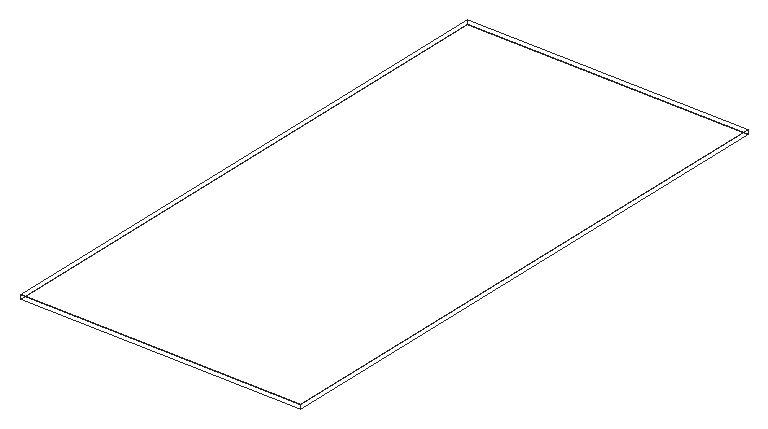
Revit family "SkylightScreen_KeeSafety_CorrugatedRoofStyle", category Generic Models, Revit 2026
Family settings
  Can host rebar = No
  Round Connector Dimension = Use Diameter
  Part Type = Normal
  Classification Number = 23.30.80.11
  Work Plane-Based = Yes
  Always vertical = Yes
  Cut with Voids When Loaded = No
  Maintain Annotation Orientation = No
  Shared = No
  Room Calculation Point = No
Parameters
  Unit Width [instance] = 2' - 6"
  Unit Depth [instance] = 5' - 0"
  URL = "keesafety.com"
  Specification = "http://www.arcat.com/sd/clients/keeind.html?coid=33541"
  Send Message = "http://www.arcat.com/users.pl?action=UserEmail&company=Kee+Safety,+Inc.&coid=33541&rep=106&fax=716-896-5696&mf="
  Sales Information = "http://www.keesafety.com/info_request_new.asp?param=usenyy"
  Revision = "R1_11-2012"
  Product Properties = "http://www.arcat.com/arcatcos/cos33/arc33541.html"
  Product Data = "http://www.arcat.com/arcatcos/cos33/arc33541.html"
  Model = "Corrugated Roof Style"
  Material = Kee-Safety_Skylight-Screen
  Manufacturer Website = "keesafety.com"
  Manufacturer Phone - Toll Free = "800-851-5181"
  Manufacturer Phone = "716-896-4949"
  Manufacturer Fax = "716-896-5696"
  Manufacturer Address = "100 Stradtman St. Buffalo, NY 14206"
  Manufacturer = "Kee Safety, Inc."
  Maintenance Schedule (Months) = 12
  Keynote = "05 52 00"
  Installation Phase = "Skylight Screen"
  Green Building-LEED = "http://www.arcat.com/details/keeind/keeind.html?coid=33541"
  Drawn By = "Sumex Design, Inc. / Robert S. Weygant, CSI, CDT, SCIP"
  Description = "Skylight Screen - Corrugated Roof Style"
  Default Elevation = 0' - 0"
  Copyright = "2012, ARCAT, Inc"
  Construction Details = "http://www.arcat.com/details/keeind/keeind.html?coid=33541"
  Company_ID = 33541
  Assembly Code = "B3020230"
Reference planes (in)
  plane 1 "Center (Front/Back)": y = 0
  plane 2: z = 0
  plane 3 "Center (Left/Right)": x = 0
  plane 4 "Front Plane": y = -30
  plane 5 "Back Plane": y = 30
  plane 6 "Right Plane": x = 15
  plane 7 "Left Plane": x = -15
Forms (in)
  Extrusion 1, solid, material "Kee-Safety_Skylight-Screen" <- "Material"
    sketch origin (0, 0, 0) x (1, 0, 0) y (0, 1, 0)
      loop
        line (15, 30) -> (-15, 30) -> (-15, -30) -> (15, -30) -> (15, 30)
    from 0 to 0.5
Dimensions and locks (in)
  equal spacing: plane 4 "Front Plane", plane 1 "Center (Front/Back)", plane 5 "Back Plane"
  equal spacing: plane 7 "Left Plane", plane 3 "Center (Left/Right)", plane 6 "Right Plane"
  "Unit Width": plane 7 "Left Plane" to plane 6 "Right Plane"
  "Unit Depth": plane 4 "Front Plane" to plane 5 "Back Plane"
  aligned and locked: Extrusion 1 sketch curve to plane 5 "Back Plane"
  aligned and locked: Extrusion 1 sketch curve to plane 7 "Left Plane"
  aligned and locked: Extrusion 1 sketch curve to plane 6 "Right Plane"
  aligned and locked: Extrusion 1 sketch curve to plane 4 "Front Plane"
